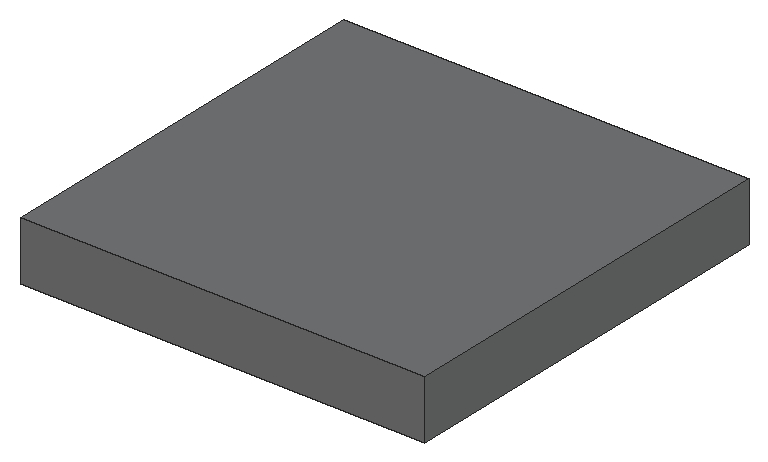
Revit family "Gira_028601", category Electrical Fixtures, host Face, Revit 2017
Family settings
  Host = Face
  Maintain Annotation Orientation = No
  Round Connector Dimension = Use Diameter
  Part Type = Normal
  Cut with Voids When Loaded = No
  Shared = No
  Room Calculation Point = No
Parameters (values of type "Wippe Symb. Klingel System 55 Cremeweiß")
  Werkstoffgüte = "Thermoplast"
  Werkstoff = "Kunststoff"
  Verwendung = "Schalter/Taster"
  URL = "http://katalog.gira.de/de_DE/datenblatt.html?artikelnr=028601"
  Region = "DE"
  RAL-Nummer (ähnlich) = "1013 "
  Oberfläche = "sonstige"
  Name = "Wippe Symb. Klingel System 55 Cremeweiß"
  Mit austauschbarer Linse/Symbol = "No"
  Mit Beschriftungsfeld = "No"
  Manufacturer URL = "https://www.gira.de/"
  Kontrollfenster/Lichtauslass = "No"
  Keynote = "Sys55_Abdeckung_Schalten und Tasten"
  HeinzeBIM = "https://bimportal.heinze.de/bim/wippe-symb-klingel-system-55-cremeweiss/189282edf86cb4ed952631ee3bf60c15b934fbe0"
  Halogenfrei = "Yes"
  HAN = "028601"
  Geeignet für Schutzart (IP) = "IP20"
  Geeignet für Bussystem-Tasterankopplung = "No"
  GTIN = "4010337286011"
  Farbe = "cremeweiß (elektroweiß)"
  Default Elevation = 1219.2 mm
  Data sheet (1) = "https://katalog.gira.de/de_DE/download.html?artikelnr=028601"
  Category = "Abdeckung/Bedienelement für Installationsschalterprogramme"
  Befestigungsart = "Klemmbefestigung"
  Available = "Yes"
  Ausführung der Oberfläche = "glänzend"
  Ausführung = "einteilige Wippe"
  Aufdruck/Kennzeichnung = "Symbol \"Klingel\""
  Anthrazit [instance] = Anthrazit
  Abtastbares Symbol/barrierefrei = "No"
Reference planes
  plane 1 "Center (Front/Back)": y = 0
  plane 2: z = 0
  plane 3 "Center (Left/Right)": x = 0
Forms (mm)
  Extrusion 1, solid, material "Anthrazit" <- "Anthrazit", detail levels fine
    sketch origin (0, 0, 0) x (1, 0, 0) y (0, 1, 0)
      loop
        line (-27.5, 27.5) -> (-27.5, -27.5) -> (27.5, -27.5) -> (27.5, 27.5) -> (-27.5, 27.5)
    from 0 to 8
  Extrusion 2, void
    sketch origin (0, 0, 0) x (1, 0, 0) y (0, 1, 0)
      loop
        line (26, 26) -> (-26, 26) -> (-26, -26) -> (26, -26) -> (26, 26)
    from 0 to 6
  Extrusion 3, solid, material "Anthrazit" <- "Anthrazit", detail levels medium
    sketch origin (0, 0, 0) x (1, 0, 0) y (0, 1, 0)
      loop
        line (-27.5, 27.5) -> (-27.5, -27.5) -> (27.5, -27.5) -> (27.5, 27.5) -> (-27.5, 27.5)
    from 0 to 8
  Extrusion 4, solid, material "Anthrazit" <- "Anthrazit", detail levels medium
    sketch origin (0, 0, 0) x (1, 0, 0) y (0, 1, 0)
      loop
        line (11, -17.5) -> (11, 17.5) -> (-11, 17.5) -> (-11, -17.5) -> (11, -17.5)
    from -6 to 6
  Extrusion 5, solid, material "Anthrazit" <- "Anthrazit", detail levels fine
    sketch origin (0, 0, 0) x (1, 0, 0) y (0, 1, 0)
      loop
        line (11, 17.5) -> (-11, 17.5) -> (-11, 16.5) -> (11, 16.5) -> (11, 17.5)
      loop
        line (-11, -16.5) -> (-11, -17.5) -> (11, -17.5) -> (11, -16.5) -> (-11, -16.5)
    from -4 to 6
  Extrusion 6, solid, material "Anthrazit" <- "Anthrazit", detail levels fine
    sketch origin (0, 0, 0) x (1, 0, 0) y (0, 1, 0)
      loop
        arc (5, 9.347) -> (0, 10.6) -> (-5, 9.347) r 10.6
        line (-5, 9.347) -> (-5, -9.347)
        arc (-5, -9.347) -> (0, -10.6) -> (5, -9.347) r 10.6
        line (5, -9.347) -> (5, 9.347)
    from -6 to 6
  Extrusion 7, solid, material "Anthrazit" <- "Anthrazit", detail levels coarse
    sketch origin (0, 0, 0) x (1, 0, 0) y (0, 1, 0)
      loop
        line (-27.5, 27.5) -> (-27.5, -27.5) -> (27.5, -27.5) -> (27.5, 27.5) -> (-27.5, 27.5)
    from -6 to 8
Cuts and joins
  Extrusion 2 cuts Extrusion 1
Dimensions and locks
  aligned and locked: plane 2 to host face
  aligned and locked: level to host face
